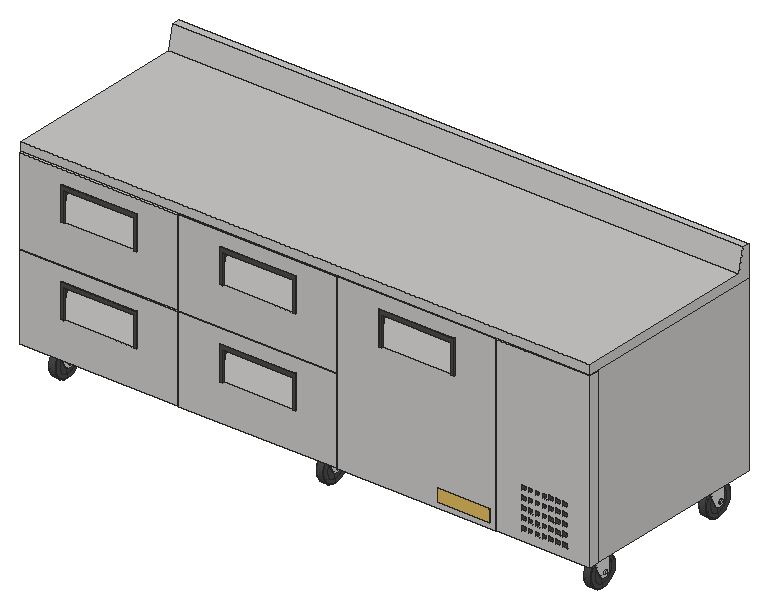
Revit family (continued)
Definition of nested family "True_TWT-93D-4"
  Automatic sketch dimensions
    Extrusion 6 sketch curve to plane 4 "RIGHT" = 21"
    Extrusion 6 sketch curve to plane 4 "RIGHT" = 8 1/4"
    Extrusion 6 sketch curve to Extrusion 6 sketch curve = 2 5/8"
    Extrusion 7 sketch curve to plane 4 "RIGHT" = 5.71047"
    Extrusion 7 sketch curve to plane 6 "TOP" = 5.01572"
    plane 3 "LEFT" to Extrusion 8 sketch curve = 5.71047"
    Extrusion 8 sketch curve to plane 6 "TOP" = 5.01572"
    Extrusion 9 sketch curve to plane 4 "RIGHT" = 3.43429"
    level to Extrusion 9 sketch curve = 12"
    Extrusion 10 sketch curve to plane 5 "FRONT" = 2.84011"
    Extrusion 10 sketch curve to Extrusion 10 sketch curve = 3/8"
    level to Extrusion 10 sketch curve = 2 11/32"  (x2)
    Extrusion 10 sketch curve to Extrusion 10 sketch curve = 1.35517"
    Extrusion 10 sketch curve to Extrusion 10 sketch curve = 0.89798"
    Extrusion 10 sketch curve to Extrusion 10 sketch curve = 0.811"
    Extrusion 10 sketch curve to Extrusion 10 sketch curve = 0.30707"
    Extrusion 10 sketch curve to Extrusion 10 sketch curve = 2.60104"
    Extrusion 10 sketch curve to Extrusion 10 sketch curve = 2.89882"
    plane 3 "LEFT" to Revolve 11 sketch curve = 1.45293"
    Revolve 11 sketch curve to Revolve 11 sketch curve = 1.39082"
    Revolve 11 sketch curve to Revolve 11 sketch curve = 0"
    level to Revolve 11 sketch curve = 5.45659"
    Revolve 11 sketch curve to Revolve 11 sketch curve = 0.09306"
    Revolve 11 sketch curve to Revolve 11 sketch curve = 0.63785"
    Revolve 11 sketch curve to Revolve 11 sketch curve = 0.26909"
    Extrusion 12 sketch curve to Extrusion 12 sketch curve = 3/8"
    Extrusion 12 sketch curve to Extrusion 12 sketch curve = 3.06415"
    Extrusion 12 sketch curve to Extrusion 12 sketch curve = 0.00618"
    level to Extrusion 12 sketch curve = 4.94479"
    Extrusion 12 sketch curve to Extrusion 12 sketch curve = 0.37699"
    Extrusion 12 sketch curve to Extrusion 12 sketch curve = 0.60485"
    plane 3 "LEFT" to Revolve 13 sketch curve = 1.33602"
    Revolve 13 sketch curve to Revolve 13 sketch curve = 0.48273"
    Revolve 13 sketch curve to Revolve 13 sketch curve = 0.4"  (x2)
    Revolve 13 sketch curve to Revolve 13 sketch curve = 0.1"  (x2)
    Revolve 13 sketch curve to Revolve 13 sketch curve = 0.16101"
    Revolve 13 sketch curve to Revolve 13 sketch curve = 0.59307"
    Revolve 13 sketch curve to Revolve 13 sketch curve = 0.92798"
    Revolve 13 sketch curve to Revolve 13 sketch curve = 0.06101"
    Revolve 13 sketch curve to Revolve 13 sketch curve = 0.16509"  (x2)
    Revolve 13 sketch curve to Revolve 13 sketch curve = 0.39592"
    level to Revolve 13 sketch curve = 2 1/2"
    Revolve 13 sketch curve to Revolve 13 sketch curve = 0"  (x2)
    Revolve 13 sketch curve to Revolve 13 sketch curve = 0.29941"  (x2)
    Revolve 13 sketch curve to Revolve 13 sketch curve = 1/4"  (x2)
    Revolve 13 sketch curve to Revolve 13 sketch curve = 1 1/4"
    Revolve 13 sketch curve to Revolve 13 sketch curve = 0.59652"
    Revolve 13 sketch curve to Revolve 13 sketch curve = 0.60059"
    Extrusion 14 sketch curve to Extrusion 14 sketch curve = 0.811"
    level to Extrusion 14 sketch curve = 2 11/32"
    plane 1 "BACK" to Extrusion 15 sketch curve = 6.96039"
    Extrusion 15 sketch curve to Extrusion 15 sketch curve = 3/8"
    level to Extrusion 15 sketch curve = 2 11/32"  (x2)
    Extrusion 15 sketch curve to Extrusion 15 sketch curve = 1.35517"
    Extrusion 15 sketch curve to Extrusion 15 sketch curve = 0.89798"
    Extrusion 15 sketch curve to Extrusion 15 sketch curve = 0.811"
    Extrusion 15 sketch curve to Extrusion 15 sketch curve = 0.30707"
    Extrusion 15 sketch curve to Extrusion 15 sketch curve = 2.60104"
    Extrusion 15 sketch curve to Extrusion 15 sketch curve = 2.89882"
    plane 3 "LEFT" to Revolve 16 sketch curve = 1.45293"
    Revolve 16 sketch curve to Revolve 16 sketch curve = 1.39082"
    Revolve 16 sketch curve to Revolve 16 sketch curve = 0"
    level to Revolve 16 sketch curve = 5.45659"
    Revolve 16 sketch curve to Revolve 16 sketch curve = 0.09306"
    Revolve 16 sketch curve to Revolve 16 sketch curve = 0.63785"
    Revolve 16 sketch curve to Revolve 16 sketch curve = 0.26909"
    Extrusion 17 sketch curve to Extrusion 17 sketch curve = 3/8"
    Extrusion 17 sketch curve to Extrusion 17 sketch curve = 3.06415"
    Extrusion 17 sketch curve to Extrusion 17 sketch curve = 0.00618"
    level to Extrusion 17 sketch curve = 4.94479"
    Extrusion 17 sketch curve to Extrusion 17 sketch curve = 0.37699"
    Extrusion 17 sketch curve to Extrusion 17 sketch curve = 0.60485"
    plane 3 "LEFT" to Revolve 18 sketch curve = 1.33602"
    Revolve 18 sketch curve to Revolve 18 sketch curve = 0.48273"
    Revolve 18 sketch curve to Revolve 18 sketch curve = 0.4"  (x2)
    Revolve 18 sketch curve to Revolve 18 sketch curve = 0.1"  (x2)
    Revolve 18 sketch curve to Revolve 18 sketch curve = 0.16101"
    Revolve 18 sketch curve to Revolve 18 sketch curve = 0.59307"
    Revolve 18 sketch curve to Revolve 18 sketch curve = 0.92798"
    Revolve 18 sketch curve to Revolve 18 sketch curve = 0.06101"
    Revolve 18 sketch curve to Revolve 18 sketch curve = 0.16509"  (x2)
    Revolve 18 sketch curve to Revolve 18 sketch curve = 0.39592"
    level to Revolve 18 sketch curve = 2 1/2"
    Revolve 18 sketch curve to Revolve 18 sketch curve = 0"  (x2)
    Revolve 18 sketch curve to Revolve 18 sketch curve = 0.29941"  (x2)
    Revolve 18 sketch curve to Revolve 18 sketch curve = 1/4"  (x2)
    Revolve 18 sketch curve to Revolve 18 sketch curve = 1 1/4"
    Revolve 18 sketch curve to Revolve 18 sketch curve = 0.59652"
    Revolve 18 sketch curve to Revolve 18 sketch curve = 0.60059"
    Extrusion 19 sketch curve to Extrusion 19 sketch curve = 0.811"
    level to Extrusion 19 sketch curve = 2 11/32"
    Extrusion 20 sketch curve to plane 5 "FRONT" = 2.84011"
    Extrusion 20 sketch curve to Extrusion 20 sketch curve = 3/8"
    level to Extrusion 20 sketch curve = 2 11/32"  (x2)
    Extrusion 20 sketch curve to Extrusion 20 sketch curve = 1.35517"
    Extrusion 20 sketch curve to Extrusion 20 sketch curve = 0.89798"
    Extrusion 20 sketch curve to Extrusion 20 sketch curve = 0.811"
    Extrusion 20 sketch curve to Extrusion 20 sketch curve = 0.30707"
    Extrusion 20 sketch curve to Extrusion 20 sketch curve = 2.60104"
    Extrusion 20 sketch curve to Extrusion 20 sketch curve = 2.89882"
    Revolve 21 sketch curve to plane 4 "RIGHT" = 1.45293"
    Revolve 21 sketch curve to Revolve 21 sketch curve = 1.39082"
    Revolve 21 sketch curve to Revolve 21 sketch curve = 0"
    level to Revolve 21 sketch curve = 6.45659"
    Revolve 21 sketch curve to Revolve 21 sketch curve = 0.26909"
    Revolve 21 sketch curve to Revolve 21 sketch curve = 0.63785"
    Revolve 21 sketch curve to Revolve 21 sketch curve = 0.09306"
    Extrusion 22 sketch curve to Extrusion 22 sketch curve = 3/8"
    Extrusion 22 sketch curve to Extrusion 22 sketch curve = 3.06415"
    Extrusion 22 sketch curve to Extrusion 22 sketch curve = 0.00618"
    level to Extrusion 22 sketch curve = 5.54965"
    Extrusion 22 sketch curve to Extrusion 22 sketch curve = 0.22786"
    Extrusion 22 sketch curve to Extrusion 22 sketch curve = 0.60485"
    Revolve 23 sketch curve to plane 4 "RIGHT" = 1.33602"
    Revolve 23 sketch curve to Revolve 23 sketch curve = 0.48273"
    Revolve 23 sketch curve to Revolve 23 sketch curve = 0.4"  (x2)
    Revolve 23 sketch curve to Revolve 23 sketch curve = 0.1"  (x2)
    Revolve 23 sketch curve to Revolve 23 sketch curve = 0.16101"
    Revolve 23 sketch curve to Revolve 23 sketch curve = 0.59307"
    Revolve 23 sketch curve to Revolve 23 sketch curve = 0.92798"
    Revolve 23 sketch curve to Revolve 23 sketch curve = 0.06101"
    Revolve 23 sketch curve to Revolve 23 sketch curve = 0.16509"  (x2)
    Revolve 23 sketch curve to Revolve 23 sketch curve = 0.39592"
    level to Revolve 23 sketch curve = 5"
    Revolve 23 sketch curve to Revolve 23 sketch curve = 0.10408"
    Revolve 23 sketch curve to Revolve 23 sketch curve = 0.59652"
    Revolve 23 sketch curve to Revolve 23 sketch curve = 0.60059"
    Revolve 23 sketch curve to Revolve 23 sketch curve = 1 1/4"
    Revolve 23 sketch curve to Revolve 23 sketch curve = 0"
    Revolve 23 sketch curve to Revolve 23 sketch curve = 1/4"  (x2)
    Revolve 23 sketch curve to Revolve 23 sketch curve = 0.29941"  (x2)
    Extrusion 24 sketch curve to Extrusion 24 sketch curve = 0.811"
    level to Extrusion 24 sketch curve = 2 11/32"
    plane 1 "BACK" to Extrusion 25 sketch curve = 6.96039"
    Extrusion 25 sketch curve to Extrusion 25 sketch curve = 3/8"
    level to Extrusion 25 sketch curve = 2 11/32"  (x2)
    Extrusion 25 sketch curve to Extrusion 25 sketch curve = 1.35517"
    Extrusion 25 sketch curve to Extrusion 25 sketch curve = 0.89798"
    Extrusion 25 sketch curve to Extrusion 25 sketch curve = 0.811"
    Extrusion 25 sketch curve to Extrusion 25 sketch curve = 0.30707"
    Extrusion 25 sketch curve to Extrusion 25 sketch curve = 2.60104"
    Extrusion 25 sketch curve to Extrusion 25 sketch curve = 2.89882"
    Revolve 26 sketch curve to plane 4 "RIGHT" = 1.45293"
    Revolve 26 sketch curve to Revolve 26 sketch curve = 1.39082"
    Revolve 26 sketch curve to Revolve 26 sketch curve = 0"
    level to Revolve 26 sketch curve = 6.45659"
    Revolve 26 sketch curve to Revolve 26 sketch curve = 0.26909"
    Revolve 26 sketch curve to Revolve 26 sketch curve = 0.63785"
    Revolve 26 sketch curve to Revolve 26 sketch curve = 0.09306"
    Extrusion 27 sketch curve to Extrusion 27 sketch curve = 3/8"
    Extrusion 27 sketch curve to Extrusion 27 sketch curve = 3.06415"
    Extrusion 27 sketch curve to Extrusion 27 sketch curve = 0.00618"
    level to Extrusion 27 sketch curve = 5.54965"
    Extrusion 27 sketch curve to Extrusion 27 sketch curve = 0.22786"
    Extrusion 27 sketch curve to Extrusion 27 sketch curve = 0.60485"
    Revolve 28 sketch curve to plane 4 "RIGHT" = 1.33602"
    Revolve 28 sketch curve to Revolve 28 sketch curve = 0.48273"
    Revolve 28 sketch curve to Revolve 28 sketch curve = 0.4"  (x2)
    Revolve 28 sketch curve to Revolve 28 sketch curve = 0.1"  (x2)
    Revolve 28 sketch curve to Revolve 28 sketch curve = 0.16101"
    Revolve 28 sketch curve to Revolve 28 sketch curve = 0.59307"
    Revolve 28 sketch curve to Revolve 28 sketch curve = 0.92798"
    Revolve 28 sketch curve to Revolve 28 sketch curve = 0.06101"
    Revolve 28 sketch curve to Revolve 28 sketch curve = 0.16509"  (x2)
    Revolve 28 sketch curve to Revolve 28 sketch curve = 0.39592"
    level to Revolve 28 sketch curve = 5"
    Revolve 28 sketch curve to Revolve 28 sketch curve = 0.10408"
    Revolve 28 sketch curve to Revolve 28 sketch curve = 0.59652"
    Revolve 28 sketch curve to Revolve 28 sketch curve = 0.60059"
    Revolve 28 sketch curve to Revolve 28 sketch curve = 1 1/4"
    Revolve 28 sketch curve to Revolve 28 sketch curve = 0"
    Revolve 28 sketch curve to Revolve 28 sketch curve = 1/4"  (x2)
    Revolve 28 sketch curve to Revolve 28 sketch curve = 0.29941"  (x2)
    Extrusion 29 sketch curve to Extrusion 29 sketch curve = 0.811"
    level to Extrusion 29 sketch curve = 2 11/32"
    plane 5 "FRONT" to Extrusion 30 sketch curve = 0.005"  (x2)
    Extrusion 30 sketch curve to plane 5 "FRONT" = 1.55299"  (x2)
    level to Extrusion 30 sketch curve = 12.29489"
    Extrusion 30 sketch curve to Extrusion 30 sketch curve = 5 1/2"
    Extrusion 30 sketch curve to Extrusion 30 sketch curve = 8.76761"
    Extrusion 30 sketch curve to plane 6 "TOP" = 3 7/8"
    plane 5 "FRONT" to Extrusion 31 sketch curve = 0.005"
    Extrusion 31 sketch curve to plane 5 "FRONT" = 1.55299"
    Extrusion 31 sketch curve to plane 6 "TOP" = 9 3/8"
    Extrusion 31 sketch curve to plane 6 "TOP" = 3 7/8"
    Extrusion 32 sketch curve to plane 6 "TOP" = 9 3/8"  (x2)
    Extrusion 32 sketch curve to plane 6 "TOP" = 4 5/8"
    Extrusion 32 sketch curve to Extrusion 32 sketch curve = 3/4"
    Extrusion 33 sketch curve to plane 5 "FRONT" = 2.84011"
    Extrusion 33 sketch curve to Extrusion 33 sketch curve = 3/8"
    level to Extrusion 33 sketch curve = 2 11/32"  (x2)
    Extrusion 33 sketch curve to Extrusion 33 sketch curve = 1.35517"
    Extrusion 33 sketch curve to Extrusion 33 sketch curve = 0.89798"
    Extrusion 33 sketch curve to Extrusion 33 sketch curve = 0.811"
    Extrusion 33 sketch curve to Extrusion 33 sketch curve = 0.30707"
    Extrusion 33 sketch curve to Extrusion 33 sketch curve = 2.60104"
    Extrusion 33 sketch curve to Extrusion 33 sketch curve = 2.89882"
    level to Revolve 34 sketch curve = 5.54965"
    plane 3 "LEFT" to Revolve 34 sketch curve = 45.23418"
    Revolve 34 sketch curve to Revolve 34 sketch curve = 1.39082"
    Revolve 34 sketch curve to Revolve 34 sketch curve = 0"
    Revolve 34 sketch curve to Revolve 34 sketch curve = 0.09306"
    Revolve 34 sketch curve to Revolve 34 sketch curve = 0.63785"
    Revolve 34 sketch curve to Revolve 34 sketch curve = 0.26909"
    Extrusion 35 sketch curve to Extrusion 35 sketch curve = 3/8"
    Extrusion 35 sketch curve to Extrusion 35 sketch curve = 3.06415"
    Extrusion 35 sketch curve to Extrusion 35 sketch curve = 0.00618"
    level to Extrusion 35 sketch curve = 4.94479"
    Extrusion 35 sketch curve to Extrusion 35 sketch curve = 0.37699"
    Extrusion 35 sketch curve to Extrusion 35 sketch curve = 0.60485"
    level to Revolve 36 sketch curve = 2 1/2"
    plane 3 "LEFT" to Revolve 36 sketch curve = 45.11727"
    Revolve 36 sketch curve to Revolve 36 sketch curve = 0.48273"
    Revolve 36 sketch curve to Revolve 36 sketch curve = 0.4"  (x2)
    Revolve 36 sketch curve to Revolve 36 sketch curve = 0.1"  (x2)
    Revolve 36 sketch curve to Revolve 36 sketch curve = 0.16101"
    Revolve 36 sketch curve to Revolve 36 sketch curve = 0.59307"
    Revolve 36 sketch curve to Revolve 36 sketch curve = 0.92798"
    Revolve 36 sketch curve to Revolve 36 sketch curve = 0.06101"
    Revolve 36 sketch curve to Revolve 36 sketch curve = 0.16509"  (x2)
    Revolve 36 sketch curve to Revolve 36 sketch curve = 0.39592"
    Revolve 36 sketch curve to Revolve 36 sketch curve = 0"  (x2)
    Revolve 36 sketch curve to Revolve 36 sketch curve = 0.29941"  (x2)
    Revolve 36 sketch curve to Revolve 36 sketch curve = 1/4"  (x2)
    Revolve 36 sketch curve to Revolve 36 sketch curve = 1 1/4"
    Revolve 36 sketch curve to Revolve 36 sketch curve = 0.59652"
    Revolve 36 sketch curve to Revolve 36 sketch curve = 0.60059"
    Extrusion 37 sketch curve to Extrusion 37 sketch curve = 0.811"
    level to Extrusion 37 sketch curve = 2 11/32"
    plane 1 "BACK" to Extrusion 38 sketch curve = 6.96039"
    Extrusion 38 sketch curve to Extrusion 38 sketch curve = 3/8"
    level to Extrusion 38 sketch curve = 2 11/32"  (x2)
    Extrusion 38 sketch curve to Extrusion 38 sketch curve = 1.35517"
    Extrusion 38 sketch curve to Extrusion 38 sketch curve = 0.89798"
    Extrusion 38 sketch curve to Extrusion 38 sketch curve = 0.811"
    Extrusion 38 sketch curve to Extrusion 38 sketch curve = 0.30707"
    Extrusion 38 sketch curve to Extrusion 38 sketch curve = 2.60104"
    Extrusion 38 sketch curve to Extrusion 38 sketch curve = 2.89882"
    level to Revolve 39 sketch curve = 5.54965"
    plane 3 "LEFT" to Revolve 39 sketch curve = 45.23418"
    Revolve 39 sketch curve to Revolve 39 sketch curve = 1.39082"
    Revolve 39 sketch curve to Revolve 39 sketch curve = 0"
    Revolve 39 sketch curve to Revolve 39 sketch curve = 0.09306"
    Revolve 39 sketch curve to Revolve 39 sketch curve = 0.63785"
    Revolve 39 sketch curve to Revolve 39 sketch curve = 0.26909"
    Extrusion 40 sketch curve to Extrusion 40 sketch curve = 3/8"
    Extrusion 40 sketch curve to Extrusion 40 sketch curve = 3.06415"
    Extrusion 40 sketch curve to Extrusion 40 sketch curve = 0.00618"
    level to Extrusion 40 sketch curve = 4.94479"
    Extrusion 40 sketch curve to Extrusion 40 sketch curve = 0.37699"
    Extrusion 40 sketch curve to Extrusion 40 sketch curve = 0.60485"
    level to Revolve 41 sketch curve = 2 1/2"
    plane 3 "LEFT" to Revolve 41 sketch curve = 45.11727"
    Revolve 41 sketch curve to Revolve 41 sketch curve = 0.48273"
    Revolve 41 sketch curve to Revolve 41 sketch curve = 0.4"  (x2)
    Revolve 41 sketch curve to Revolve 41 sketch curve = 0.1"  (x2)
    Revolve 41 sketch curve to Revolve 41 sketch curve = 0.16101"
    Revolve 41 sketch curve to Revolve 41 sketch curve = 0.59307"
    Revolve 41 sketch curve to Revolve 41 sketch curve = 0.92798"
    Revolve 41 sketch curve to Revolve 41 sketch curve = 0.06101"
    Revolve 41 sketch curve to Revolve 41 sketch curve = 0.16509"  (x2)
    Revolve 41 sketch curve to Revolve 41 sketch curve = 0.39592"
    Revolve 41 sketch curve to Revolve 41 sketch curve = 0"  (x2)
    Revolve 41 sketch curve to Revolve 41 sketch curve = 0.29941"  (x2)
    Revolve 41 sketch curve to Revolve 41 sketch curve = 1/4"  (x2)
    Revolve 41 sketch curve to Revolve 41 sketch curve = 1 1/4"
    Revolve 41 sketch curve to Revolve 41 sketch curve = 0.59652"
    Revolve 41 sketch curve to Revolve 41 sketch curve = 0.60059"
    Extrusion 42 sketch curve to Extrusion 42 sketch curve = 0.811"
    level to Extrusion 42 sketch curve = 2 11/32"
    Extrusion 43 sketch curve to plane 5 "FRONT" = 1.55299"
    Extrusion 43 sketch curve to Extrusion 43 sketch curve = 0.32201"
    level to Extrusion 43 sketch curve = 6 11/16"
    Extrusion 43 sketch curve to Extrusion 43 sketch curve = 12 53/64"
    Extrusion 44 sketch curve to plane 5 "FRONT" = 1.55299"
    Extrusion 44 sketch curve to Extrusion 44 sketch curve = 0.32201"
    Extrusion 44 sketch curve to plane 6 "TOP" = 15 13/64"
    Extrusion 44 sketch curve to plane 6 "TOP" = 2.0969"
    Extrusion 45 sketch curve to plane 5 "FRONT" = 1.55299"
    Extrusion 45 sketch curve to Extrusion 45 sketch curve = 0.32201"
    level to Extrusion 45 sketch curve = 6 11/16"
    Extrusion 45 sketch curve to Extrusion 45 sketch curve = 12 53/64"
    Extrusion 46 sketch curve to plane 5 "FRONT" = 1.55299"
    Extrusion 46 sketch curve to Extrusion 46 sketch curve = 0.32201"
    level to Extrusion 46 sketch curve = 6 11/16"
    Extrusion 46 sketch curve to plane 6 "TOP" = 2.0969"
    Extrusion 47 sketch curve to plane 5 "FRONT" = 0"
    Extrusion 47 sketch curve to plane 6 "TOP" = 0"
    plane 1 "BACK" to Extrusion 47 sketch curve = 2 31/32"
    plane 1 "BACK" to Extrusion 47 sketch curve = 2.21071"
    plane 1 "BACK" to Extrusion 47 sketch curve = 1"
    Extrusion 47 sketch curve to plane 6 "TOP" = 1 7/16"
    plane 6 "TOP" to Extrusion 47 sketch curve = 3 9/16"
    plane 3 "LEFT" to Extrusion 48 sketch curve = 0"
    plane 5 "FRONT" to Extrusion 48 sketch curve = 0.005"
    Extrusion 48 sketch curve to plane 4 "RIGHT" = 41 1/2"
    Extrusion 48 sketch curve to Extrusion 48 sketch curve = 25.495"
    plane 5 "FRONT" to Extrusion 49 sketch curve = 0.01"
    plane 3 "LEFT" to Extrusion 50 sketch curve = 0"
    level to Extrusion 50 sketch curve = 6 3/16"  (x2)
    Extrusion 50 sketch curve to Extrusion 50 sketch curve = 6.10739"  (x2)
    Extrusion 50 sketch curve to Extrusion 50 sketch curve = 5 1/2"  (x2)
    Extrusion 50 sketch curve to Extrusion 50 sketch curve = 2.22073"  (x2)
    Extrusion 50 sketch curve to Extrusion 50 sketch curve = 7/32"  (x2)
    Extrusion 50 sketch curve to Extrusion 50 sketch curve = 8.76761"  (x2)
    Extrusion 50 sketch curve to plane 6 "TOP" = 3 7/8"  (x2)
    Extrusion 50 sketch curve to plane 6 "TOP" = 1.65427"  (x2)
    Extrusion 51 sketch curve to plane 4 "RIGHT" = 0"
    Extrusion 51 sketch curve to plane 4 "RIGHT" = 3.67591"
    Extrusion 51 sketch curve to Extrusion 51 sketch curve = 0"  (x40)
    Extrusion 51 sketch curve to Extrusion 51 sketch curve = 3/4"  (x68)
    Extrusion 51 sketch curve to Extrusion 51 sketch curve = 3/8"  (x30)
    Extrusion 51 sketch curve to plane 6 "TOP" = 1.65427"
    Extrusion 51 sketch curve to plane 4 "RIGHT" = 15 5/16"
    level to Extrusion 51 sketch curve = 14.47725"
    Extrusion 51 sketch curve to Extrusion 51 sketch curve = 1.53975"
    level to Extrusion 52 sketch curve = 9.09505"
    Extrusion 52 sketch curve to plane 4 "RIGHT" = 24.93739"
    Extrusion 52 sketch curve to Extrusion 52 sketch curve = 8.6"
    Extrusion 52 sketch curve to Extrusion 52 sketch curve = 2.00267"
    Split face 1 sketch curve to Extrusion 52 = 0.12395"
    Split face 1 sketch curve to Extrusion 52 = 0.12605"
    Split face 1 sketch curve to Extrusion 52 = 1/8"  (x2)
    Split face 2 sketch curve to Extrusion 52 = 0.25557"
    Split face 2 sketch curve to Extrusion 52 = 0.2"  (x2)
    Split face 2 sketch curve to Extrusion 52 = 1.18088"
    Split face 2 sketch curve to Split face 2 sketch curve = 1.70946"  (x2)
    Split face 3 sketch curve to Extrusion 52 = 0.52695"  (x2)
    Split face 3 sketch curve to Extrusion 52 = 3.22496"
    Split face 3 sketch curve to Split face 3 sketch curve = 0.07873"  (x5)
    Split face 3 sketch curve to Split face 3 sketch curve = 0.77414"
    Split face 3 sketch curve to Split face 3 sketch curve = 0.03432"
    Split face 3 sketch curve to Split face 3 sketch curve = 0.06431"
    Split face 3 sketch curve to Split face 3 sketch curve = 0.25054"
    Split face 3 sketch curve to Extrusion 52 = 0.60213"
    Split face 3 sketch curve to Split face 3 sketch curve = 0.02261"  (x2)
    Split face 3 sketch curve to Extrusion 52 = 0.99985"
    Split face 3 sketch curve to Split face 3 sketch curve = 0.21813"
    Split face 3 sketch curve to Split face 3 sketch curve = 0.02408"
    Split face 3 sketch curve to Split face 3 sketch curve = 0.06023"
    Split face 3 sketch curve to Extrusion 52 = 0.35812"  (x2)
    Split face 3 sketch curve to Split face 3 sketch curve = 0.11378"
    Split face 3 sketch curve to Split face 3 sketch curve = 0.14695"
    Split face 3 sketch curve to Split face 3 sketch curve = 0.34493"
    Split face 3 sketch curve to Split face 3 sketch curve = 0.01637"
    Split face 3 sketch curve to Extrusion 52 = 0.96729"
    Split face 3 sketch curve to Split face 3 sketch curve = 0.09412"
    Split face 3 sketch curve to Split face 3 sketch curve = 0.13853"
    Split face 3 sketch curve to Extrusion 52 = 0.66434"
    Split face 3 sketch curve to Split face 3 sketch curve = 0.17302"
    Split face 3 sketch curve to Split face 3 sketch curve = 0.10273"
    Split face 3 sketch curve to Split face 3 sketch curve = 0.00676"
    Split face 3 sketch curve to Split face 3 sketch curve = 0.01053"
    Split face 3 sketch curve to Split face 3 sketch curve = 0.27691"
    Split face 3 sketch curve to Split face 3 sketch curve = 0.09352"
    Split face 3 sketch curve to Split face 3 sketch curve = 0.05688"
    Split face 3 sketch curve to Split face 3 sketch curve = 0.06293"
    Split face 3 sketch curve to Split face 3 sketch curve = 0.19074"
    Split face 3 sketch curve to Split face 3 sketch curve = 0.01406"
    Split face 3 sketch curve to Split face 3 sketch curve = 0.03026"
    Split face 3 sketch curve to Split face 3 sketch curve = 0.04866"
    Split face 3 sketch curve to Split face 3 sketch curve = 0.06314"
    Split face 3 sketch curve to Split face 3 sketch curve = 0.00607"
    Split face 3 sketch curve to Extrusion 52 = 0.74307"
    Split face 3 sketch curve to Split face 3 sketch curve = 0.16421"
    Split face 3 sketch curve to Split face 3 sketch curve = 0.16334"
    Split face 3 sketch curve to Split face 3 sketch curve = 0.08623"
    Split face 3 sketch curve to Split face 3 sketch curve = 0.34756"
    Split face 3 sketch curve to Split face 3 sketch curve = 0.00399"
    Split face 3 sketch curve to Split face 3 sketch curve = 0.06907"
    Split face 3 sketch curve to Split face 3 sketch curve = 0.06966"
    Split face 3 sketch curve to Split face 3 sketch curve = 0.11037"
    Split face 3 sketch curve to Split face 3 sketch curve = 0.05796"
    Split face 3 sketch curve to Split face 3 sketch curve = 0.14943"
    Split face 3 sketch curve to Split face 3 sketch curve = 0.03223"
    Split face 3 sketch curve to Split face 3 sketch curve = 0.24167"
    Split face 3 sketch curve to Split face 3 sketch curve = 0.04402"
    Split face 3 sketch curve to Extrusion 52 = 0.59505"  (x2)
    Split face 3 sketch curve to Split face 3 sketch curve = 0.12306"
    Split face 3 sketch curve to Split face 3 sketch curve = 0.20358"
    Split face 3 sketch curve to Split face 3 sketch curve = 0.03919"
    Split face 3 sketch curve to Split face 3 sketch curve = 0.07455"
    Split face 3 sketch curve to Split face 3 sketch curve = 0.0515"
    Split face 3 sketch curve to Extrusion 52 = 0.98222"
    Split face 3 sketch curve to Split face 3 sketch curve = 0.09893"
    Split face 3 sketch curve to Extrusion 52 = 0.99658"
    Split face 3 sketch curve to Split face 3 sketch curve = 0.1303"
    Split face 3 sketch curve to Split face 3 sketch curve = 0.03943"
    Split face 3 sketch curve to Split face 3 sketch curve = 0.39771"
    Split face 3 sketch curve to Split face 3 sketch curve = 0.07387"
    Split face 3 sketch curve to Split face 3 sketch curve = 0.11917"
    Split face 3 sketch curve to Split face 3 sketch curve = 0.34773"
    Split face 3 sketch curve to Split face 3 sketch curve = 0.00434"
    Split face 3 sketch curve to Split face 3 sketch curve = 0.06122"
    Split face 3 sketch curve to Extrusion 52 = 0.98333"
    Split face 3 sketch curve to Split face 3 sketch curve = 0.12218"
    Split face 3 sketch curve to Split face 3 sketch curve = 0.0939"
    Split face 3 sketch curve to Split face 3 sketch curve = 13/128"
    Split face 3 sketch curve to Split face 3 sketch curve = 0.01731"
    Split face 3 sketch curve to Split face 3 sketch curve = 0.02865"
    Split face 3 sketch curve to Split face 3 sketch curve = 0.03383"
    Split face 3 sketch curve to Split face 3 sketch curve = 0.04242"
    Split face 3 sketch curve to Split face 3 sketch curve = 0.06833"
    Split face 3 sketch curve to Split face 3 sketch curve = 0.12564"
    Split face 3 sketch curve to Split face 3 sketch curve = 0.02124"
    Split face 3 sketch curve to Split face 3 sketch curve = 0.22186"
    Split face 3 sketch curve to Split face 3 sketch curve = 0.12022"
    Split face 3 sketch curve to Split face 3 sketch curve = 0.1388"
    Split face 3 sketch curve to Split face 3 sketch curve = 0.07457"
    Split face 3 sketch curve to Extrusion 52 = 0.53397"
    Split face 3 sketch curve to Split face 3 sketch curve = 0.11019"
    Split face 3 sketch curve to Split face 3 sketch curve = 0.02073"
    Split face 3 sketch curve to Split face 3 sketch curve = 0.01577"
    Split face 3 sketch curve to Split face 3 sketch curve = 0.08988"
    Split face 3 sketch curve to Split face 3 sketch curve = 0.06927"
    Split face 3 sketch curve to Split face 3 sketch curve = 0.34665"
    Split face 3 sketch curve to Split face 3 sketch curve = 0.10832"
    Split face 3 sketch curve to Split face 3 sketch curve = 0.04505"
    Split face 3 sketch curve to Split face 3 sketch curve = 0.08242"
    Split face 3 sketch curve to Split face 3 sketch curve = 0.09397"
    Split face 3 sketch curve to Split face 3 sketch curve = 0.05042"
    Split face 3 sketch curve to Split face 3 sketch curve = 0.0943"
    Split face 3 sketch curve to Split face 3 sketch curve = 0.1064"
    Split face 3 sketch curve to Split face 3 sketch curve = 0.12234"
    Split face 3 sketch curve to Split face 3 sketch curve = 0.02934"
    Split face 3 sketch curve to Split face 3 sketch curve = 0.02827"
    Split face 3 sketch curve to Split face 3 sketch curve = 0.06372"
    Split face 3 sketch curve to Split face 3 sketch curve = 0.0694"
    Split face 3 sketch curve to Split face 3 sketch curve = 0.07625"
    Split face 3 sketch curve to Split face 3 sketch curve = 0.03711"
    Split face 3 sketch curve to Split face 3 sketch curve = 0.06941"
    Split face 3 sketch curve to Split face 3 sketch curve = 0.05489"
    Split face 3 sketch curve to Split face 3 sketch curve = 0.19512"
    Split face 3 sketch curve to Split face 3 sketch curve = 0.03201"
    Split face 3 sketch curve to Split face 3 sketch curve = 0.08408"
    Split face 3 sketch curve to Split face 3 sketch curve = 0.16133"
    Split face 3 sketch curve to Split face 3 sketch curve = 0.04305"
    Split face 3 sketch curve to Split face 3 sketch curve = 0.16883"
    Split face 4 sketch curve to Extrusion 52 = 0.82603"
    Split face 4 sketch curve to Extrusion 52 = 1.35416"
    Split face 4 sketch curve to Extrusion 52 = 0.7758"
    Split face 4 sketch curve to Split face 4 sketch curve = 0.01633"
    Split face 4 sketch curve to Split face 4 sketch curve = 0.02586"
    Split face 4 sketch curve to Split face 4 sketch curve = 0.03805"
    Split face 4 sketch curve to Split face 4 sketch curve = 0.23951"
    Split face 4 sketch curve to Split face 4 sketch curve = 0.03026"
    Split face 4 sketch curve to Extrusion 52 = 0.83498"
    Split face 4 sketch curve to Split face 4 sketch curve = 0.03624"
    Split face 4 sketch curve to Split face 4 sketch curve = 0.01949"
    Split face 4 sketch curve to Split face 4 sketch curve = 0.02276"
    Split face 4 sketch curve to Split face 4 sketch curve = 0.02415"
    plane 5 "FRONT" to Extrusion 53 sketch curve = 0.01"
    radius of Extrusion 7 sketch curve = 15/32"
    radius of Extrusion 8 sketch curve = 15/32"
    radius of Extrusion 9 sketch curve = 1/4"
